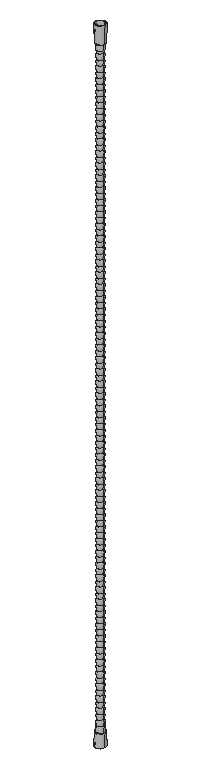
Revit family "VS-157", category Plumbing Fixtures, Revit 2023
Family settings
  Round Connector Dimension = Use Diameter
  Part Type = Normal
  OmniClass Number = 23.45.00.00
  OmniClass Title = Sanitary, Laundry, and Cleaning Equipment
  Work Plane-Based = No
  Enable Cutting in Views = No
  Always vertical = Yes
  Cut with Voids When Loaded = No
  Maintain Annotation Orientation = No
  Shared = No
  Room Calculation Point = No
Parameters
  w [instance] = 0.807"
  diameter [instance] = 0.92"
  Stainless Steel [instance] = Stainless Steel
  Height [instance] = 60.00"
  Default Elevation = 0.00"
Reference planes (in)
  plane 1 "Center (Front/Back)": y = 0
  plane 2: z = 0
  plane 3 "Center (Left/Right)": x = 0.0034
  plane 4: y = 32
  plane 5: y = -32
  plane 6: x = -0.45609
  plane 7: x = 0.46
  plane 8: z = 60
  plane 9: z = 1.1811
  plane 10: x = -0.41543
  plane 11: x = 0.41271
  plane 12: z = 58.4252
  plane 13: x = -0.4256
  plane 14: x = 0.42562
  plane 15: x = -0.4001
  plane 16: x = 0.4069
Forms (in)
  Revolve 1, solid, material "Stainless Steel" <- "Stainless Steel"
    sketch origin (0, 0, 0) x (1, 0, 0) y (0, 0, 1)
      loop
        line (0.0034, 60) -> (-0.45609, 60) -> (-0.40717, 58.44489)
        arc (-0.40717, 58.44489) -> (-0.40102, 58.43093) -> (-0.38688, 58.4252) r 0.02029
        line (-0.38688, 58.4252) -> (0.0034, 58.4252) -> (0.0034, 60)
      axis (0.0034, 60) -> (0.0034, 58.4252)
    angle from 0 to 360
  Extrusion 2, void
    sketch origin (0.0034, 0, 60) x (0, 1, 0) y (1, 0, 0)
      loop
        circle (0, 0) r 0.37664
    from 0 to 0.71601
  Revolve 3, solid, material "Stainless Steel" <- "Stainless Steel"
    sketch origin (0, 0, 0) x (1, 0, 0) y (0, 0, 1)
      loop
        line (0.0034, 58.4252) -> (0.0034, 57.9252) -> (0.34375, 57.9252) -> (0.34375, 58.4252) -> (0.0034, 58.4252)
      axis (0.0034, 58.4252) -> (0.0034, 57.9252)
    angle from 0 to 360
  Revolve 4, solid, material "Stainless Steel" <- "Stainless Steel"
    sketch origin (0, 0, 60) x (1, 0, 0) y (0, 0, 1)
      loop
        line (0.0034, -58.8189) -> (0.0034, -60) -> (0.46001, -60) -> (0.40725, -58.83865)
        arc (0.40725, -58.83865) -> (0.40088, -58.82463) -> (0.38658, -58.8189) r 0.02069
        line (0.38658, -58.8189) -> (0.0034, -58.8189)
      axis (0.0034, -60) -> (0.0034, -58.8189)
    angle from 0 to 360
  Extrusion 5, void
    sketch origin (0.0034, 0, 0) x (0, -1, 0) y (1, 0, 0)
      loop
        circle (0, 0) r 0.37665
    from 0 to 0.71601
  Revolve 6, solid, material "Stainless Steel" <- "Stainless Steel"
    sketch origin (0, 0, 0) x (1, 0, 0) y (0, 0, 1)
      loop
        line (0.0034, 57.9252) -> (0.0034, 1.6811) -> (0.27709, 1.6811)
        arc (0.27709, 1.6811) -> (0.30495, 1.95362) -> (0.27198, 2.22557) r 1.23366
        line (0.27198, 2.22557) -> (0.24117, 2.22557) -> (0.24117, 2.2771) -> (0.27198, 2.2771)
        arc (0.27198, 2.2771) -> (0.29384, 2.48825) -> (0.27198, 2.69939) r 1.03085
        line (0.27198, 2.69939) -> (0.24117, 2.69939) -> (0.24117, 2.75092) -> (0.27198, 2.75092)
        arc (0.27198, 2.75092) -> (0.30031, 2.99169) -> (0.27198, 3.23245) r 1.03732
        line (0.27198, 3.23245) -> (0.24117, 3.23245) -> (0.24117, 3.28399) -> (0.27198, 3.28399)
        arc (0.27198, 3.28399) -> (0.29384, 3.49513) -> (0.27198, 3.70628) r 1.03085
        line (0.27198, 3.70628) -> (0.24117, 3.70628) -> (0.24117, 3.75781) -> (0.27198, 3.75781)
        arc (0.27198, 3.75781) -> (0.30031, 3.99858) -> (0.27198, 4.23934) r 1.03732
        line (0.27198, 4.23934) -> (0.24117, 4.23934) -> (0.24117, 4.29087) -> (0.27198, 4.29087)
        arc (0.27198, 4.29087) -> (0.29384, 4.50202) -> (0.27198, 4.71316) r 1.03085
        line (0.27198, 4.71316) -> (0.24117, 4.71316) -> (0.24117, 4.7647) -> (0.27198, 4.7647)
        arc (0.27198, 4.7647) -> (0.30031, 5.00546) -> (0.27198, 5.24623) r 1.03732
        line (0.27198, 5.24623) -> (0.24117, 5.24623) -> (0.24117, 5.29776) -> (0.27198, 5.29776)
        arc (0.27198, 5.29776) -> (0.29384, 5.5089) -> (0.27198, 5.72005) r 1.03085
        line (0.27198, 5.72005) -> (0.24117, 5.72005) -> (0.24117, 5.77158) -> (0.27198, 5.77158)
        arc (0.27198, 5.77158) -> (0.30031, 6.01235) -> (0.27198, 6.25311) r 1.03732
        line (0.27198, 6.25311) -> (0.24117, 6.25311) -> (0.24117, 6.30464) -> (0.27198, 6.30464)
        arc (0.27198, 6.30464) -> (0.29384, 6.51579) -> (0.27198, 6.72694) r 1.03085
        line (0.27198, 6.72694) -> (0.24117, 6.72694) -> (0.24117, 6.77847) -> (0.27198, 6.77847)
        arc (0.27198, 6.77847) -> (0.30031, 7.01923) -> (0.27198, 7.26) r 1.03732
        line (0.27198, 7.26) -> (0.24117, 7.26) -> (0.24117, 7.31153) -> (0.27198, 7.31153)
        arc (0.27198, 7.31153) -> (0.29384, 7.52268) -> (0.27198, 7.73382) r 1.03085
        line (0.27198, 7.73382) -> (0.24117, 7.73382) -> (0.24117, 7.78535) -> (0.27198, 7.78535)
        arc (0.27198, 7.78535) -> (0.30031, 8.02612) -> (0.27198, 8.26688) r 1.03732
        line (0.27198, 8.26688) -> (0.24117, 8.26688) -> (0.24117, 8.31842) -> (0.27198, 8.31842)
        arc (0.27198, 8.31842) -> (0.29384, 8.52956) -> (0.27198, 8.74071) r 1.03085
        line (0.27198, 8.74071) -> (0.24117, 8.74071) -> (0.24117, 8.79224) -> (0.27198, 8.79224)
        arc (0.27198, 8.79224) -> (0.30031, 9.033) -> (0.27198, 9.27377) r 1.03732
        line (0.27198, 9.27377) -> (0.24117, 9.27377) -> (0.24117, 9.3253) -> (0.27198, 9.3253)
        arc (0.27198, 9.3253) -> (0.29384, 9.53645) -> (0.27198, 9.74759) r 1.03085
        line (0.27198, 9.74759) -> (0.24117, 9.74759) -> (0.24117, 9.79913) -> (0.27198, 9.79913)
        arc (0.27198, 9.79913) -> (0.30031, 10.03989) -> (0.27198, 10.28066) r 1.03732
        line (0.27198, 10.28066) -> (0.24117, 10.28066) -> (0.24117, 10.33219) -> (0.27198, 10.33219)
        arc (0.27198, 10.33219) -> (0.29384, 10.54333) -> (0.27198, 10.75448) r 1.03085
        line (0.27198, 10.75448) -> (0.24117, 10.75448) -> (0.24117, 10.80601) -> (0.27198, 10.80601)
        arc (0.27198, 10.80601) -> (0.30031, 11.04678) -> (0.27198, 11.28754) r 1.03732
        line (0.27198, 11.28754) -> (0.24117, 11.28754) -> (0.24117, 11.33907) -> (0.27198, 11.33907)
        arc (0.27198, 11.33907) -> (0.29384, 11.55022) -> (0.27198, 11.76137) r 1.03085
        line (0.27198, 11.76137) -> (0.24117, 11.76137) -> (0.24117, 11.8129) -> (0.27198, 11.8129)
        arc (0.27198, 11.8129) -> (0.30031, 12.05366) -> (0.27198, 12.29443) r 1.03732
        line (0.27198, 12.29443) -> (0.24117, 12.29443) -> (0.24117, 12.34596) -> (0.27198, 12.34596)
        arc (0.27198, 12.34596) -> (0.29384, 12.55711) -> (0.27198, 12.76825) r 1.03085
        line (0.27198, 12.76825) -> (0.24117, 12.76825) -> (0.24117, 12.81978) -> (0.27198, 12.81978)
        arc (0.27198, 12.81978) -> (0.30031, 13.06055) -> (0.27198, 13.30131) r 1.03732
        line (0.27198, 13.30131) -> (0.24117, 13.30131) -> (0.24117, 13.35285) -> (0.27198, 13.35285)
        arc (0.27198, 13.35285) -> (0.29384, 13.56399) -> (0.27198, 13.77514) r 1.03085
        line (0.27198, 13.77514) -> (0.24117, 13.77514) -> (0.24117, 13.82667) -> (0.27198, 13.82667)
        arc (0.27198, 13.82667) -> (0.30031, 14.06743) -> (0.27198, 14.3082) r 1.03732
        line (0.27198, 14.3082) -> (0.24117, 14.3082) -> (0.24117, 14.35973) -> (0.27198, 14.35973)
        arc (0.27198, 14.35973) -> (0.29384, 14.57088) -> (0.27198, 14.78202) r 1.03085
        line (0.27198, 14.78202) -> (0.24117, 14.78202) -> (0.24117, 14.83356) -> (0.27198, 14.83356)
        arc (0.27198, 14.83356) -> (0.30031, 15.07432) -> (0.27198, 15.31509) r 1.03732
        line (0.27198, 15.31509) -> (0.24117, 15.31509) -> (0.24117, 15.36662) -> (0.27198, 15.36662)
        arc (0.27198, 15.36662) -> (0.29384, 15.57776) -> (0.27198, 15.78891) r 1.03085
        line (0.27198, 15.78891) -> (0.24117, 15.78891) -> (0.24117, 15.84044) -> (0.27198, 15.84044)
        arc (0.27198, 15.84044) -> (0.30031, 16.08121) -> (0.27198, 16.32197) r 1.03732
        line (0.27198, 16.32197) -> (0.24117, 16.32197) -> (0.24117, 16.3735) -> (0.27198, 16.3735)
        arc (0.27198, 16.3735) -> (0.29384, 16.58465) -> (0.27198, 16.7958) r 1.03085
        line (0.27198, 16.7958) -> (0.24117, 16.7958) -> (0.24117, 16.84733) -> (0.27198, 16.84733)
        arc (0.27198, 16.84733) -> (0.30031, 17.08809) -> (0.27198, 17.32886) r 1.03732
        line (0.27198, 17.32886) -> (0.24117, 17.32886) -> (0.24117, 17.38039) -> (0.27198, 17.38039)
        arc (0.27198, 17.38039) -> (0.29384, 17.59154) -> (0.27198, 17.80268) r 1.03085
        line (0.27198, 17.80268) -> (0.24117, 17.80268) -> (0.24117, 17.85421) -> (0.27198, 17.85421)
        arc (0.27198, 17.85421) -> (0.30031, 18.09498) -> (0.27198, 18.33574) r 1.03732
        line (0.27198, 18.33574) -> (0.24117, 18.33574) -> (0.24117, 18.38728) -> (0.27198, 18.38728)
        arc (0.27198, 18.38728) -> (0.29384, 18.59842) -> (0.27198, 18.80957) r 1.03085
        line (0.27198, 18.80957) -> (0.24117, 18.80957) -> (0.24117, 18.8611) -> (0.27198, 18.8611)
        arc (0.27198, 18.8611) -> (0.30031, 19.10186) -> (0.27198, 19.34263) r 1.03732
        line (0.27198, 19.34263) -> (0.24117, 19.34263) -> (0.24117, 19.39416) -> (0.27198, 19.39416)
        arc (0.27198, 19.39416) -> (0.29384, 19.60531) -> (0.27198, 19.81645) r 1.03085
        line (0.27198, 19.81645) -> (0.24117, 19.81645) -> (0.24117, 19.86799) -> (0.27198, 19.86799)
        arc (0.27198, 19.86799) -> (0.30031, 20.10875) -> (0.27198, 20.34952) r 1.03732
        line (0.27198, 20.34952) -> (0.24117, 20.34952) -> (0.24117, 20.40105) -> (0.27198, 20.40105)
        arc (0.27198, 20.40105) -> (0.29384, 20.61219) -> (0.27198, 20.82334) r 1.03085
        line (0.27198, 20.82334) -> (0.24117, 20.82334) -> (0.24117, 20.87487) -> (0.27198, 20.87487)
        arc (0.27198, 20.87487) -> (0.30031, 21.11564) -> (0.27198, 21.3564) r 1.03732
        line (0.27198, 21.3564) -> (0.24117, 21.3564) -> (0.24117, 21.40793) -> (0.27198, 21.40793)
        arc (0.27198, 21.40793) -> (0.29384, 21.61908) -> (0.27198, 21.83022) r 1.03085
        line (0.27198, 21.83022) -> (0.24117, 21.83022) -> (0.24117, 21.88176) -> (0.27198, 21.88176)
        arc (0.27198, 21.88176) -> (0.30031, 22.12252) -> (0.27198, 22.36329) r 1.03732
        line (0.27198, 22.36329) -> (0.24117, 22.36329) -> (0.24117, 22.41482) -> (0.27198, 22.41482)
        arc (0.27198, 22.41482) -> (0.29384, 22.62597) -> (0.27198, 22.83711) r 1.03085
        line (0.27198, 22.83711) -> (0.24117, 22.83711) -> (0.24117, 22.88864) -> (0.27198, 22.88864)
        arc (0.27198, 22.88864) -> (0.30031, 23.12941) -> (0.27198, 23.37017) r 1.03732
        line (0.27198, 23.37017) -> (0.24117, 23.37017) -> (0.24117, 23.42171) -> (0.27198, 23.42171)
        arc (0.27198, 23.42171) -> (0.29384, 23.63285) -> (0.27198, 23.844) r 1.03085
        line (0.27198, 23.844) -> (0.24117, 23.844) -> (0.24117, 23.89553) -> (0.27198, 23.89553)
        arc (0.27198, 23.89553) -> (0.30031, 24.13629) -> (0.27198, 24.37706) r 1.03732
        line (0.27198, 24.37706) -> (0.24117, 24.37706) -> (0.24117, 24.42859) -> (0.27198, 24.42859)
        arc (0.27198, 24.42859) -> (0.29384, 24.63974) -> (0.27198, 24.85088) r 1.03085
        line (0.27198, 24.85088) -> (0.24117, 24.85088) -> (0.24117, 24.90242) -> (0.27198, 24.90242)
        arc (0.27198, 24.90242) -> (0.30031, 25.14318) -> (0.27198, 25.38395) r 1.03732
        line (0.27198, 25.38395) -> (0.24117, 25.38395) -> (0.24117, 25.43548) -> (0.27198, 25.43548)
        arc (0.27198, 25.43548) -> (0.29384, 25.64662) -> (0.27198, 25.85777) r 1.03085
        line (0.27198, 25.85777) -> (0.24117, 25.85777) -> (0.24117, 25.9093) -> (0.27198, 25.9093)
        arc (0.27198, 25.9093) -> (0.30031, 26.15007) -> (0.27198, 26.39083) r 1.03732
        line (0.27198, 26.39083) -> (0.24117, 26.39083) -> (0.24117, 26.44236) -> (0.27198, 26.44236)
        arc (0.27198, 26.44236) -> (0.29384, 26.65351) -> (0.27198, 26.86465) r 1.03085
        line (0.27198, 26.86465) -> (0.24117, 26.86465) -> (0.24117, 26.91619) -> (0.27198, 26.91619)
        arc (0.27198, 26.91619) -> (0.30031, 27.15695) -> (0.27198, 27.39772) r 1.03732
        line (0.27198, 27.39772) -> (0.24117, 27.39772) -> (0.24117, 27.44925) -> (0.27198, 27.44925)
        arc (0.27198, 27.44925) -> (0.29384, 27.6604) -> (0.27198, 27.87154) r 1.03085
        line (0.27198, 27.87154) -> (0.24117, 27.87154) -> (0.24117, 27.92307) -> (0.27198, 27.92307)
        arc (0.27198, 27.92307) -> (0.30031, 28.16384) -> (0.27198, 28.4046) r 1.03732
        line (0.27198, 28.4046) -> (0.24117, 28.4046) -> (0.24117, 28.45614) -> (0.27198, 28.45614)
        arc (0.27198, 28.45614) -> (0.29384, 28.66728) -> (0.27198, 28.87843) r 1.03085
        line (0.27198, 28.87843) -> (0.24117, 28.87843) -> (0.24117, 28.92996) -> (0.27198, 28.92996)
        arc (0.27198, 28.92996) -> (0.30031, 29.17072) -> (0.27198, 29.41149) r 1.03732
        line (0.27198, 29.41149) -> (0.24117, 29.41149) -> (0.24117, 29.46302) -> (0.27198, 29.46302)
        arc (0.27198, 29.46302) -> (0.29384, 29.67417) -> (0.27198, 29.88531) r 1.03085
        line (0.27198, 29.88531) -> (0.24117, 29.88531) -> (0.24117, 29.93685) -> (0.27198, 29.93685)
        arc (0.27198, 29.93685) -> (0.30031, 30.17761) -> (0.27198, 30.41838) r 1.03732
        line (0.27198, 30.41838) -> (0.24117, 30.41838) -> (0.24117, 30.46991) -> (0.27198, 30.46991)
        arc (0.27198, 30.46991) -> (0.29384, 30.68105) -> (0.27198, 30.8922) r 1.03085
        line (0.27198, 30.8922) -> (0.24117, 30.8922) -> (0.24117, 30.94373) -> (0.27198, 30.94373)
        arc (0.27198, 30.94373) -> (0.30031, 31.1845) -> (0.27198, 31.42526) r 1.03732
        line (0.27198, 31.42526) -> (0.24117, 31.42526) -> (0.24117, 31.47679) -> (0.27198, 31.47679)
        arc (0.27198, 31.47679) -> (0.29384, 31.68794) -> (0.27198, 31.89908) r 1.03085
        line (0.27198, 31.89908) -> (0.24117, 31.89908) -> (0.24117, 31.95062) -> (0.27198, 31.95062)
        arc (0.27198, 31.95062) -> (0.30031, 32.19138) -> (0.27198, 32.43215) r 1.03732
        line (0.27198, 32.43215) -> (0.24117, 32.43215) -> (0.24117, 32.48368) -> (0.27198, 32.48368)
        arc (0.27198, 32.48368) -> (0.29384, 32.69483) -> (0.27198, 32.90597) r 1.03085
        line (0.27198, 32.90597) -> (0.24117, 32.90597) -> (0.24117, 32.9575) -> (0.27198, 32.9575)
        arc (0.27198, 32.9575) -> (0.30031, 33.19827) -> (0.27198, 33.43903) r 1.03732
        line (0.27198, 33.43903) -> (0.24117, 33.43903) -> (0.24117, 33.49057) -> (0.27198, 33.49057)
        arc (0.27198, 33.49057) -> (0.29384, 33.70171) -> (0.27198, 33.91286) r 1.03085
        line (0.27198, 33.91286) -> (0.24117, 33.91286) -> (0.24117, 33.96439) -> (0.27198, 33.96439)
        arc (0.27198, 33.96439) -> (0.30031, 34.20515) -> (0.27198, 34.44592) r 1.03732
        line (0.27198, 34.44592) -> (0.24117, 34.44592) -> (0.24117, 34.49745) -> (0.27198, 34.49745)
        arc (0.27198, 34.49745) -> (0.29384, 34.7086) -> (0.27198, 34.91974) r 1.03085
        line (0.27198, 34.91974) -> (0.24117, 34.91974) -> (0.24117, 34.97128) -> (0.27198, 34.97128)
        arc (0.27198, 34.97128) -> (0.30031, 35.21204) -> (0.27198, 35.45281) r 1.03732
        line (0.27198, 35.45281) -> (0.24117, 35.45281) -> (0.24117, 35.50434) -> (0.27198, 35.50434)
        arc (0.27198, 35.50434) -> (0.29384, 35.71548) -> (0.27198, 35.92663) r 1.03085
        line (0.27198, 35.92663) -> (0.24117, 35.92663) -> (0.24117, 35.97816) -> (0.27198, 35.97816)
        arc (0.27198, 35.97816) -> (0.30031, 36.21893) -> (0.27198, 36.45969) r 1.03732
        line (0.27198, 36.45969) -> (0.24117, 36.45969) -> (0.24117, 36.51122) -> (0.27198, 36.51122)
        arc (0.27198, 36.51122) -> (0.29384, 36.72237) -> (0.27198, 36.93351) r 1.03085
        line (0.27198, 36.93351) -> (0.24117, 36.93351) -> (0.24117, 36.98505) -> (0.27198, 36.98505)
        arc (0.27198, 36.98505) -> (0.30031, 37.22581) -> (0.27198, 37.46658) r 1.03732
        line (0.27198, 37.46658) -> (0.24117, 37.46658) -> (0.24117, 37.51811) -> (0.27198, 37.51811)
        arc (0.27198, 37.51811) -> (0.29384, 37.72926) -> (0.27198, 37.9404) r 1.03085
        line (0.27198, 37.9404) -> (0.24117, 37.9404) -> (0.24117, 37.99193) -> (0.27198, 37.99193)
        arc (0.27198, 37.99193) -> (0.30031, 38.2327) -> (0.27198, 38.47346) r 1.03732
        line (0.27198, 38.47346) -> (0.24117, 38.47346) -> (0.24117, 38.525) -> (0.27198, 38.525)
        arc (0.27198, 38.525) -> (0.29384, 38.73614) -> (0.27198, 38.94729) r 1.03085
        line (0.27198, 38.94729) -> (0.24117, 38.94729) -> (0.24117, 38.99882) -> (0.27198, 38.99882)
        arc (0.27198, 38.99882) -> (0.30031, 39.23958) -> (0.27198, 39.48035) r 1.03732
        line (0.27198, 39.48035) -> (0.24117, 39.48035) -> (0.24117, 39.53188) -> (0.27198, 39.53188)
        arc (0.27198, 39.53188) -> (0.29384, 39.74303) -> (0.27198, 39.95417) r 1.03085
        line (0.27198, 39.95417) -> (0.24117, 39.95417) -> (0.24117, 40.00571) -> (0.27198, 40.00571)
        arc (0.27198, 40.00571) -> (0.30031, 40.24647) -> (0.27198, 40.48724) r 1.03732
        line (0.27198, 40.48724) -> (0.24117, 40.48724) -> (0.24117, 40.53877) -> (0.27198, 40.53877)
        arc (0.27198, 40.53877) -> (0.29384, 40.74991) -> (0.27198, 40.96106) r 1.03085
        line (0.27198, 40.96106) -> (0.24117, 40.96106) -> (0.24117, 41.01259) -> (0.27198, 41.01259)
        arc (0.27198, 41.01259) -> (0.30031, 41.25336) -> (0.27198, 41.49412) r 1.03732
        line (0.27198, 41.49412) -> (0.24117, 41.49412) -> (0.24117, 41.54565) -> (0.27198, 41.54565)
        arc (0.27198, 41.54565) -> (0.29384, 41.7568) -> (0.27198, 41.96794) r 1.03085
        line (0.27198, 41.96794) -> (0.24117, 41.96794) -> (0.24117, 42.01948) -> (0.27198, 42.01948)
        arc (0.27198, 42.01948) -> (0.30031, 42.26024) -> (0.27198, 42.50101) r 1.03732
        line (0.27198, 42.50101) -> (0.24117, 42.50101) -> (0.24117, 42.55254) -> (0.27198, 42.55254)
        arc (0.27198, 42.55254) -> (0.29384, 42.76369) -> (0.27198, 42.97483) r 1.03085
        line (0.27198, 42.97483) -> (0.24117, 42.97483) -> (0.24117, 43.02636) -> (0.27198, 43.02636)
        arc (0.27198, 43.02636) -> (0.30031, 43.26713) -> (0.27198, 43.50789) r 1.03732
        line (0.27198, 43.50789) -> (0.24117, 43.50789) -> (0.24117, 43.55943) -> (0.27198, 43.55943)
        arc (0.27198, 43.55943) -> (0.29384, 43.77057) -> (0.27198, 43.98172) r 1.03085
        line (0.27198, 43.98172) -> (0.24117, 43.98172) -> (0.24117, 44.03325) -> (0.27198, 44.03325)
        arc (0.27198, 44.03325) -> (0.30031, 44.27401) -> (0.27198, 44.51478) r 1.03732
        line (0.27198, 44.51478) -> (0.24117, 44.51478) -> (0.24117, 44.56631) -> (0.27198, 44.56631)
        arc (0.27198, 44.56631) -> (0.29384, 44.77746) -> (0.27198, 44.9886) r 1.03085
        line (0.27198, 44.9886) -> (0.24117, 44.9886) -> (0.24117, 45.04014) -> (0.27198, 45.04014)
        arc (0.27198, 45.04014) -> (0.30031, 45.2809) -> (0.27198, 45.52166) r 1.03732
        line (0.27198, 45.52166) -> (0.24117, 45.52166) -> (0.24117, 45.5732) -> (0.27198, 45.5732)
        arc (0.27198, 45.5732) -> (0.29384, 45.78434) -> (0.27198, 45.99549) r 1.03085
        line (0.27198, 45.99549) -> (0.24117, 45.99549) -> (0.24117, 46.04702) -> (0.27198, 46.04702)
        arc (0.27198, 46.04702) -> (0.30031, 46.28779) -> (0.27198, 46.52855) r 1.03732
        line (0.27198, 46.52855) -> (0.24117, 46.52855) -> (0.24117, 46.58008) -> (0.27198, 46.58008)
        arc (0.27198, 46.58008) -> (0.29384, 46.79123) -> (0.27198, 47.00237) r 1.03085
        line (0.27198, 47.00237) -> (0.24117, 47.00237) -> (0.24117, 47.05391) -> (0.27198, 47.05391)
        arc (0.27198, 47.05391) -> (0.30031, 47.29467) -> (0.27198, 47.53544) r 1.03732
        line (0.27198, 47.53544) -> (0.24117, 47.53544) -> (0.24117, 47.58697) -> (0.27198, 47.58697)
        arc (0.27198, 47.58697) -> (0.29384, 47.79812) -> (0.27198, 48.00926) r 1.03085
        line (0.27198, 48.00926) -> (0.24117, 48.00926) -> (0.24117, 48.06079) -> (0.27198, 48.06079)
        arc (0.27198, 48.06079) -> (0.30031, 48.30156) -> (0.27198, 48.54232) r 1.03732
        line (0.27198, 48.54232) -> (0.24117, 48.54232) -> (0.24117, 48.59386) -> (0.27198, 48.59386)
        arc (0.27198, 48.59386) -> (0.29384, 48.805) -> (0.27198, 49.01615) r 1.03085
        line (0.27198, 49.01615) -> (0.24117, 49.01615) -> (0.24117, 49.06768) -> (0.27198, 49.06768)
        arc (0.27198, 49.06768) -> (0.30031, 49.30844) -> (0.27198, 49.54921) r 1.03732
        line (0.27198, 49.54921) -> (0.24117, 49.54921) -> (0.24117, 49.60074) -> (0.27198, 49.60074)
        arc (0.27198, 49.60074) -> (0.29384, 49.81189) -> (0.27198, 50.02303) r 1.03085
        line (0.27198, 50.02303) -> (0.24117, 50.02303) -> (0.24117, 50.07457) -> (0.27198, 50.07457)
        arc (0.27198, 50.07457) -> (0.30031, 50.31533) -> (0.27198, 50.55609) r 1.03732
        line (0.27198, 50.55609) -> (0.24117, 50.55609) -> (0.24117, 50.60763) -> (0.27198, 50.60763)
        arc (0.27198, 50.60763) -> (0.29384, 50.81877) -> (0.27198, 51.02992) r 1.03085
        line (0.27198, 51.02992) -> (0.24117, 51.02992) -> (0.24117, 51.08145) -> (0.27198, 51.08145)
        arc (0.27198, 51.08145) -> (0.30031, 51.32222) -> (0.27198, 51.56298) r 1.03732
        line (0.27198, 51.56298) -> (0.24117, 51.56298) -> (0.24117, 51.61451) -> (0.27198, 51.61451)
        arc (0.27198, 51.61451) -> (0.29384, 51.82566) -> (0.27198, 52.0368) r 1.03085
        line (0.27198, 52.0368) -> (0.24117, 52.0368) -> (0.24117, 52.08834) -> (0.27198, 52.08834)
        arc (0.27198, 52.08834) -> (0.30031, 52.3291) -> (0.27198, 52.56987) r 1.03732
        line (0.27198, 52.56987) -> (0.24117, 52.56987) -> (0.24117, 52.6214) -> (0.27198, 52.6214)
        arc (0.27198, 52.6214) -> (0.29384, 52.83255) -> (0.27198, 53.04369) r 1.03085
        line (0.27198, 53.04369) -> (0.24117, 53.04369) -> (0.24117, 53.09522) -> (0.27198, 53.09522)
        arc (0.27198, 53.09522) -> (0.30031, 53.33599) -> (0.27198, 53.57675) r 1.03732
        line (0.27198, 53.57675) -> (0.24117, 53.57675) -> (0.24117, 53.62829) -> (0.27198, 53.62829)
        arc (0.27198, 53.62829) -> (0.29384, 53.83943) -> (0.27198, 54.05058) r 1.03085
        line (0.27198, 54.05058) -> (0.24117, 54.05058) -> (0.24117, 54.10211) -> (0.27198, 54.10211)
        arc (0.27198, 54.10211) -> (0.30031, 54.34287) -> (0.27198, 54.58364) r 1.03732
        line (0.27198, 54.58364) -> (0.24117, 54.58364) -> (0.24117, 54.63517) -> (0.27198, 54.63517)
        arc (0.27198, 54.63517) -> (0.29384, 54.84632) -> (0.27198, 55.05746) r 1.03085
        line (0.27198, 55.05746) -> (0.24117, 55.05746) -> (0.24117, 55.109) -> (0.27198, 55.109)
        arc (0.27198, 55.109) -> (0.30031, 55.34976) -> (0.27198, 55.59052) r 1.03732
        line (0.27198, 55.59052) -> (0.24117, 55.59052) -> (0.24117, 55.64206) -> (0.27198, 55.64206)
        arc (0.27198, 55.64206) -> (0.29384, 55.8532) -> (0.27198, 56.06435) r 1.03085
        line (0.27198, 56.06435) -> (0.24117, 56.06435) -> (0.24117, 56.11588) -> (0.27198, 56.11588)
        arc (0.27198, 56.11588) -> (0.30031, 56.35665) -> (0.27198, 56.59741) r 1.03732
        line (0.27198, 56.59741) -> (0.24117, 56.59741) -> (0.24117, 56.64894) -> (0.27198, 56.64894)
        arc (0.27198, 56.64894) -> (0.29384, 56.86009) -> (0.27198, 57.07123) r 1.03085
        line (0.27198, 57.07123) -> (0.24117, 57.07123) -> (0.24117, 57.12277) -> (0.27198, 57.12277)
        arc (0.27198, 57.12277) -> (0.30031, 57.36353) -> (0.27198, 57.6043) r 1.03732
        line (0.27198, 57.6043) -> (0.24117, 57.6043) -> (0.24117, 57.65583) -> (0.27353, 57.65583)
        arc (0.27353, 57.65583) -> (0.29484, 57.79051) -> (0.27353, 57.9252) r 0.43627
        line (0.27353, 57.9252) -> (0.0034, 57.9252)
      axis (0.0034, 1.6811) -> (0.0034, 57.9252)
    angle from 0 to 360
  Revolve 7, solid, material "Stainless Steel" <- "Stainless Steel"
    sketch origin (0, 0, -56.58222) x (1, 0, 0) y (0, 0, 1)
      loop
        line (0.0034, 58.26333) -> (0.0034, 57.76333) -> (0.34375, 57.76333) -> (0.34375, 58.26333) -> (0.0034, 58.26333)
      axis (0.0034, 58.26333) -> (0.0034, 57.76333)
    angle from 0 to 360
Cuts and joins
  Extrusion 2, Extrusion 5 cuts Revolve 1
  Extrusion 5 cuts Revolve 4
Lines and regions (in)
  reference lines
    curve 1: line (0.25, 0, 57.9252) -> (-0.24481, 0, 57.29186)
Text (in)
  text "⌀" at (-0.99208, 0, 61.8373), in view "Front"
  text "⌀ " at (1.16276, 0, 58.1972), in view "Front"
  text "⌀" at (-2.16268, 0, -0.5187), in view "Front"
  text "⌀" at (-2.58999, 0, 2.20907), in view "Front"
Dimensions and locks (in)
  plane 9 to level = 1.1811"
  plane 7 to plane 6 = 0.91609"  (x2)
  plane 11 to plane 10 = 0.82813"
  plane 8 to plane 12 = 1.5748"
  plane 9 to cut or joined group of Revolve 4, Extrusion 5 = 1.1811"
  plane 16 to plane 15 = 0.807"
  cut or joined group of Revolve 1, Extrusion 2, Extrusion 5 to cut or joined group of Revolve 4, Extrusion 5 = 60.00"
  aligned and locked: level to plane 2
  aligned and locked: plane 12 to Revolve 3
  aligned and locked: plane 9 to Revolve 7
  aligned and locked: Revolve 7 to Revolve 6
